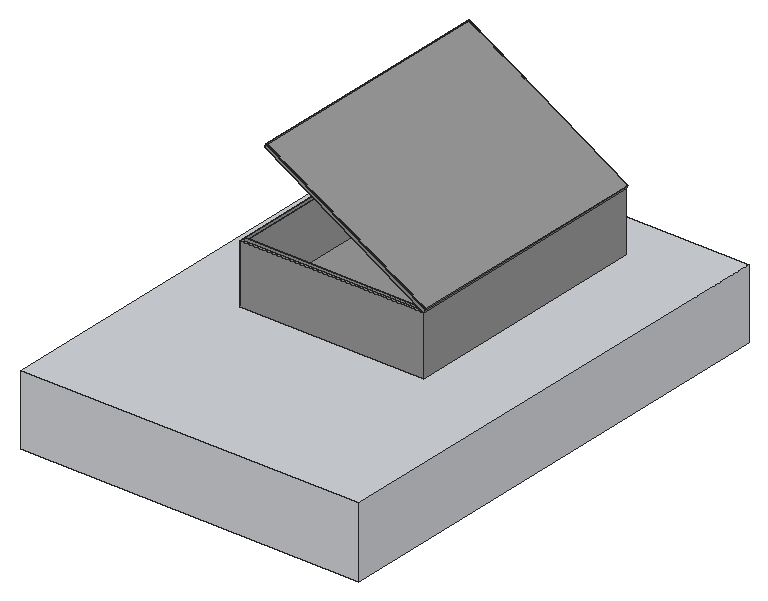
Revit family "Hager-Univers-IP55-D275-H1100-Cl.I-Steel_encl-SE-en", category Equipement électrique, Revit 2020
Family settings
  Hôte = Face
  Configuration du panneau = Deux colonnes, circuits au sein
  Cote de connecteur circulaire = Utiliser le diamètre
  Type d'élément = Tableau de raccordement
  Couper avec des vides une fois chargée = Non
  Partagée = Non
  Point de calcul de pièce = Non
Parameters (values of type "Surface mounted (plaster) IP55 W800 H1100 D275  - FR73E")
  Width Control [instance] = if([EF000008 - Width] > Min Width, [EF000008 - Width], Min Width)  # 800 mm
  Commentaires du type = [HG000003 - Range]  # "Univers"
  Thickness Door [instance] = if([EF009171 - Material plate thickness door/cover] > 3 mm, 3 mm, [EF009171 - Material plate thickness door/cover])  # 1.5 mm
  Seal Frame Offset [instance] = 17 mm  # constant formula
  Plinth Visibility [instance] = [HG000027 - Plinth height] > 0 mm  # no
  Model = ""
  Min Width [instance] = 100 mm  # constant formula
  Min Height [instance] = 100 mm  # constant formula
  Min Depth [instance] = (2 * [EF009170 - Material plate thickness cabinet]) + 1 mm  # 4 mm
  Internal Frame Depth [instance] = (Door System Depth * 0.5)  # 9 mm
  Height Control [instance] = if([EF000040 - Height] > Min Height, [EF000040 - Height], Min Height)  # 1100 mm
  HG000027 - Plinth height = 0 mm
  HG000026 - Floor standing = no
  HG000024 - Bottom section height = 800 mm
  HG000023 - Double section enclosure = no
  HG000016 - Door 3d visibility [instance] = yes
  HG000015 - Clearance visibility [instance] = no
  HG000014 - Door on the right [instance] = yes
  HG000013 - Door on the left [instance] = not([HG000014 - Door on the right])  # no
  HG000012 - Door swing angle [instance] = 30.00°
  HG000010 - Asymmetric doors = no
  HG000009 - Double swing door = no
  HG000006 - Flush mounted = no
  HG000004 - Manufacturer reference = "FR73E"
  HG000003 - Range = "Univers"
  HG000002 - With door or cover = yes
  Frame Offset Bottom [instance] = 10 mm  # constant formula
  Frame Offset [instance] = 15 mm  # constant formula
  EF015940 - Cover with overpressure release = no
  EF011959 - Degree of protection (NEMA) = ""
  EF009554 - Number of openings for flange plates = 6
  EF009212 - Cover model = "EV000116 - Closed"
  EF009171 - Material plate thickness door/cover = 1.5 mm
  EF009170 - Material plate thickness cabinet = 1.5 mm
  Fabricant = "Hager"  # constant formula
  EF008873 - Nominal current (In) = 800 A
  EF007800 - Suitable for lightning protection = no
  EF006306 - With lock = no
  EF006244 - Transparent cover/door = no
  EF005474 - Degree of protection (IP) = "EV006420 - IP55"
  EF004464 - Type of door = "EV002646 - Single"
  EF004427 - Number of modules = 252
  EF004293 - Impact strength = "EV008784 - IK10"
  EF003532 - Suitable for outdoor use = no
  EF002950 - Width in number of modular spacings = 24
  EF001613 - Circuit integrity = "EV000494 - None"
  EF001596 - Material housing = "EV000179 - Steel"
  EF001131 - Internal depth = 275 mm
  EF001088 - Extension possible = yes
  EF000437 - Number of conduit inlets = 6
  EF000339 - Type of cover = "EV004216 - Door"
  EF000266 - Number of rows = 7
  EF000218 - Built-in depth = 0 mm
  EF000118 - With mounting plate = no
  EF000116 - RAL-number = "7035"
  EF000049 - Depth = 275 mm
  EF000040 - Height = 1100 mm
  EF000008 - Width = 800 mm
  EF000007 - Colour = "EV000270 - Grey"
  EF000003 - Mounting method = "EV000384 - Surface mounted (plaster)"
  Door System Leaf Tolerance [instance] = 1.5 mm  # constant formula
  Door System Depth [instance] = 18 mm  # constant formula
  Door Height [instance] = Height Control - [HG000027 - Plinth height]  # 1100 mm
  Depth Control [instance] = if([EF000049 - Depth] > Min Depth, [EF000049 - Depth], Min Depth)  # 275 mm
  Default Elevation = 0 mm
  Connector Offset [instance] = Height Control / 2  # 550 mm
  Bottom Top Plate Trim [instance] = 1.5 mm  # constant formula
  Plinth height Ctrl [instance] = if([HG000027 - Plinth height] > 0 mm, [HG000027 - Plinth height], 12 mm)  # 12 mm
Types (5, lengths in mm): name | Width Control | HG000010 - Asymmetric doors | HG000009 - Double swing door | HG000004 - Manufacturer reference | EF009554 - Number of openings for flange plates | EF004464 - Type of door | EF004427 - Number of modules | EF000437 - Number of conduit inlets | EF000008 - Width
  Surface mounted (plaster) IP55 W1050 H1100 D275  - FR74E | 1050 | no | yes | "FR74E" | 8 | "EV003602 - Double" | 336 | 8 | 1050
  Surface mounted (plaster) IP55 W1300 H1100 D275  - FR75E | 1300 | yes | yes | "FR75E" | 10 | "EV003602 - Double" | 420 | 10 | 1300
  Surface mounted (plaster) IP55 W300 H1100 D275  - FR71E | 300 | no | no | "FR71E" | 2 | "EV002646 - Single" | 84 | 2 | 300
  Surface mounted (plaster) IP55 W550 H1100 D275  - FR72E | 550 | no | no | "FR72E" | 4 | "EV002646 - Single" | 168 | 4 | 550
  Surface mounted (plaster) IP55 W800 H1100 D275  - FR73E | 800 | no | no | "FR73E" | 6 | "EV002646 - Single" | 252 | 6 | 800
Reference planes
  plane 1 "Center (Front/Back)": y = 0
  plane 2: z = 0
  plane 3 "Center (Left/Right)": x = 0
  plane 4: z = 275
  plane 5: y = 1.5
  plane 6: y = 550
  plane 7: y = 0
  plane 8: y = 1100
  plane 9: z = 0
  plane 10: x = -385
  plane 11: x = 385
  plane 12: x = 383.5
  plane 13: x = -383.5
  plane 14: y = 1098.5
  plane 15: x = -383
  plane 16: x = -400
  plane 17: x = 383
  plane 18: x = 400
  plane 19: x = 398.5
  plane 20: x = -398.5
  plane 21: y = 11.5
  plane 22: y = 1100
  plane 23: y = 1083.5
  plane 24: z = 257
  plane 25: z = 1.5
  plane 26: z = 255.5
  plane 27: z = 273.5
Forms (mm)
  Extrusion 1, solid
    sketch origin (0, 0, 0) x (1, 0, 0) y (0, 1, 0)
      loop
        line (-702.964, 1305) -> (-702.964, -811.445) -> (766.763, -811.445) -> (766.763, 1305) -> (-702.964, 1305)
    from 0 to -304.8
  Extrusion 2, solid, material "Hager_Steel_RAL7035_Light_Grey", visible <- "Plinth Visibility", detail levels medium+fine
    sketch origin (0, 0, 0) x (1, 0, 0) y (0, 1, 0)
      loop
        line (-400, 0) -> (400, 0) -> (400, 12) -> (-400, 12) -> (-400, 0)
    from 0 to 257
  Extrusion 3, solid, material "Hager_Steel_RAL7035_Light_Grey", detail levels medium+fine
    sketch origin (0, 0, 0) x (1, 0, 0) y (0, 1, 0)
      loop
        line (-400, 0) -> (400, 0) -> (400, 1100) -> (-400, 1100) -> (-400, 0)
    from 0 to 257
  Extrusion 4, void
    sketch origin (0, 0, 0) x (1, 0, 0) y (0, 1, 0)
      loop
        line (-398.5, 1.5) -> (398.5, 1.5) -> (398.5, 1098.5) -> (-398.5, 1098.5) -> (-398.5, 1.5)
    from 1.5 to 255.5
  Extrusion 5, void
    sketch origin (-381.607, -4572, 257) x (0, -1, 0) y (-1, 0, 0)
      loop
        line (-4583.5, 1.893) -> (-5655.5, 1.893) -> (-5655.5, -765.107) -> (-4583.5, -765.107) -> (-4583.5, 1.893)
    from 0 to 1.5 <- "EF009170 - Material plate thickness cabinet"
  Extrusion 6, solid, material "Hager_Steel_RAL7035_Light_Grey", detail levels fine
    sketch origin (0, 0, 257) x (1, 0, 0) y (0, 1, 0)
      loop
        line (-383.5, 1083.5) -> (-383.5, 11.5) -> (383.5, 11.5) -> (383.5, 1083.5) -> (-383.5, 1083.5)
      loop
        line (-385, 10) -> (385, 10) -> (385, 1085) -> (-385, 1085) -> (-385, 10)
    from 0 to 9 <- "Internal Frame Depth"
  Extrusion 7, solid, material "Hager_Steel_RAL7035_Light_Grey", detail levels coarse
    sketch origin (0, 0, 0) x (1, 0, 0) y (0, 1, 0)
      loop
        line (-400, 0) -> (400, 0) -> (400, 1100) -> (-400, 1100) -> (-400, 0)
    from 0 to 275
  Sweep 8, void
    path in 3D
      loop
        line (-400, 12, 0) -> (400, 12, 0) -> (400, 12, 257) -> (-400, 12, 257) -> (-400, 12, 0)
    profile origin (-400, 12, 128.5) x (-1, 0, 0) y (0, -1, 0)
      loop
        line (0, 0) -> (0, 1.5) -> (-1.5, 1.5)
        arc (-1.5, 1.5) -> (-1.061, 0.439) -> (0, 0) r 1.5
Cuts and joins
  Extrusion 4, Extrusion 5 cuts Extrusion 3
  Sweep 8 cuts Extrusion 2
Lines and regions (mm)
  Masking region 1
    outline origin (0, 0, 0) x (1, 0, 0) y (0, 0, 1)
      loop
        line (-400, 275) -> (-400, 0) -> (400, 0) -> (400, 275) -> (-400, 275)
  Masking region 2, detail levels medium+fine
    outline origin (0, 140, 0) x (0, 1, 0) y (0, 0, 1)
      loop
        line (-140, 0) -> (960, 0) -> (960, 257) -> (-140, 257) -> (-140, 0)
  Masking region 3, not visible, detail levels medium+fine
    outline origin (0, 297.922, 0) x (0, 1, 0) y (0, 0, 1)
      loop
        line (263.578, 0) -> (303.578, 0) -> (303.578, 263.5)
        arc (303.578, 263.5) -> (300.649, 270.571) -> (293.578, 273.5) r 10
        line (293.578, 273.5) -> (263.578, 273.5) -> (263.578, 0)
  Masking region 4, detail levels coarse
    outline origin (0, 0, 180) x (0, 1, 0) y (0, 0, 1)
      loop
        line (0, -180) -> (1100, -180) -> (1100, 95) -> (0, 95) -> (0, -180)
  Masking region 5, visible <- "Plinth Visibility", detail levels medium+fine
    outline origin (0, 52.24, 12.345) x (0, 0, -1) y (0, 1, 0)
      loop
        line (10.845, -40.24) -> (-243.155, -40.24)
        arc (-243.155, -40.24) -> (-243.594, -41.301) -> (-244.655, -41.74) r 1.5
        line (-244.655, -41.74) -> (-244.655, -52.24) -> (12.345, -52.24) -> (12.345, -41.74)
        arc (12.345, -41.74) -> (11.285, -41.301) -> (10.845, -40.24) r 1.5
  Masking region 6, detail levels medium+fine
    outline origin (-381.607, -4572, 257) x (-1, 0, 0) y (0, -1, 0)
      loop
        line (18.393, -5672) -> (18.393, -4572) -> (-781.607, -4572) -> (-781.607, -5672) -> (18.393, -5672)
  Masking region 7, visible <- "Plinth Visibility", detail levels medium+fine
    outline origin (-381.607, -4727, 257) x (-1, 0, 0) y (0, -1, 0)
      loop
        arc (16.893, -4739) -> (17.332, -4737.939) -> (18.393, -4737.5) r 1.5
        line (18.393, -4737.5) -> (18.393, -4727) -> (-781.607, -4727) -> (-781.607, -4737.5)
        arc (-781.607, -4737.5) -> (-780.546, -4737.939) -> (-780.107, -4739) r 1.5
        line (-780.107, -4739) -> (16.893, -4739)
  Masking region 8, detail levels coarse
    outline origin (-442.548, -4669.526, 257) x (-1, 0, 0) y (0, -1, 0)
      loop
        line (-42.548, -5769.526) -> (-42.548, -4669.526) -> (-842.548, -4669.526) -> (-842.548, -5769.526) -> (-42.548, -5769.526)
  sketch lines
    curve 1: line (-400, 12, 257) -> (-400, 12, 0)
    curve 2: line (400, 12, 257) -> (-400, 12, 257)
    curve 3: line (400, 12, 257) -> (400, 12, 0)
    curve 4: line (-400, 12, 0) -> (400, 12, 0)
Dimensions and locks
  "Depth Control": plane 4 to Extrusion 1
  "HG000027 - Plinth height": plane 1 "Center (Front/Back)" to plane 7
  "EF009170 - Material plate thickness cabinet": plane 5 to plane 7
  locked: connector elem to plane 3 "Center (Left/Right)"
  equal spacing: plane 8, plane 6, plane 7
  locked: connector elem to plane 6
  "EF009170 - Material plate thickness cabinet": plane 8 to plane 14
  "EF009170 - Material plate thickness cabinet": plane 10 to plane 13
  "EF009170 - Material plate thickness cabinet": plane 12 to plane 11
  "Frame Offset": plane 20 to plane 13
  "Frame Offset": plane 12 to plane 19
  "EF009170 - Material plate thickness cabinet": plane 16 to plane 20
  "EF009170 - Material plate thickness cabinet": plane 19 to plane 18
  "Seal Frame Offset": plane 16 to plane 15
  "Seal Frame Offset": plane 17 to plane 18
  "Frame Offset Bottom": plane 21 to plane 5
  "Frame Offset": plane 14 to plane 23
  equal spacing: plane 16, plane 3 "Center (Left/Right)", plane 18
  "Width Control": plane 16 to plane 18
  "EF009170 - Material plate thickness cabinet": plane 4 to plane 27
  "EF009170 - Material plate thickness cabinet": plane 24 to plane 26
  "EF009170 - Material plate thickness cabinet": plane 25 to level
  "Door System Depth": plane 4 to plane 24
  "Height Control": plane 1 "Center (Front/Back)" to Extrusion 7 sketch curve
  "Height Control": Masking region 4 sketch curve to plane 1 "Center (Front/Back)"
  "Height Control": plane 1 "Center (Front/Back)" to plane 22
  "Bottom Top Plate Trim": profile plane to Sweep 8 sketch curve
  "Bottom Top Plate Trim": Sweep 8 sketch curve to profile plane
  "Plinth height Ctrl": plane 1 "Center (Front/Back)" to Extrusion 2 sketch curve
  "Plinth height Ctrl": Masking region 5 sketch curve to plane 1 "Center (Front/Back)"
  "Plinth height Ctrl": plane 1 "Center (Front/Back)" to Masking region 7 sketch curve
  "Thickness Door": Extrusion 6 sketch curve to Extrusion 6 sketch curve  (x3)
  "Thickness Door": cut or joined group of Extrusion 3, Extrusion 4, Extrusion 5 to Extrusion 6 sketch curve
  radius of Masking region 3 sketch curve = 10 mm
  "Bottom Top Plate Trim": radius of Masking region 5 sketch curve  (x2)
  "Bottom Top Plate Trim": radius of Sweep 8 sketch curve
  "Bottom Top Plate Trim": radius of Masking region 7 sketch curve  (x2)
  aligned and locked: plane 2 to Extrusion 1
  aligned and locked: level to Extrusion 1
  aligned and locked: level to Masking region 1 sketch curve
  aligned and locked: Masking region 1 sketch curve to plane 18
  aligned and locked: Masking region 1 sketch curve to plane 16
  aligned and locked: plane 7 to Masking region 2 sketch curve
  aligned and locked: level to Masking region 3 sketch curve
  aligned and locked: Masking region 3 sketch curve to plane 27
  aligned and locked: level to Masking region 2 sketch curve
  aligned and locked: plane 1 "Center (Front/Back)" to Extrusion 2 sketch curve
  aligned and locked: Extrusion 3 sketch curve to plane 7
  aligned and locked: plane 16 to Extrusion 3 sketch curve
  aligned and locked: plane 18 to Extrusion 3 sketch curve
  aligned and locked: plane 20 to Extrusion 4 sketch curve
  aligned and locked: plane 19 to Extrusion 4 sketch curve
  aligned and locked: Extrusion 4 sketch curve to plane 5
  aligned and locked: Extrusion 4 to plane 25
  aligned and locked: plane 26 to Extrusion 4
  aligned and locked: plane 24 to Extrusion 3
  aligned and locked: Extrusion 5 sketch curve to plane 21
  aligned and locked: Extrusion 5 sketch curve to plane 13
  aligned and locked: Extrusion 5 sketch curve to plane 12
  aligned and locked: plane 18 to Extrusion 7 sketch curve
  aligned and locked: plane 1 "Center (Front/Back)" to Extrusion 7 sketch curve
  aligned and locked: plane 16 to Extrusion 7 sketch curve
  aligned and locked: plane 4 to Extrusion 7
  aligned and locked: Extrusion 7 to level
  aligned and locked: level to Masking region 4 sketch curve
  aligned and locked: Masking region 4 sketch curve to plane 1 "Center (Front/Back)"
  aligned and locked: Masking region 4 sketch curve to plane 4
  aligned and locked: nested 1 to level
  aligned and locked: nested 1 to plane 16
  aligned and locked: plane 8 to Extrusion 3 sketch curve
  aligned and locked: plane 23 to Extrusion 5 sketch curve
  aligned and locked: plane 14 to Extrusion 4 sketch curve
  aligned and locked: Masking region 2 sketch curve to plane 8
  aligned and locked: level to Masking region 5 sketch curve
  aligned and locked: plane 16 to Extrusion 2 sketch curve
  aligned and locked: plane 18 to Extrusion 2 sketch curve
  aligned and locked: Masking region 5 sketch curve to plane 24
  aligned and locked: Masking region 2 sketch curve to plane 24
  aligned and locked: plane 24 to Extrusion 2
  aligned and locked: profile plane to Sweep 8 sketch curve  (x2)
  aligned and locked: Masking region 6 sketch curve to plane 18
  aligned and locked: Masking region 6 sketch curve to plane 22
  aligned and locked: Masking region 6 sketch curve to plane 16
  aligned and locked: plane 8 to plane 22
  aligned and locked: Masking region 6 sketch curve to plane 7
  aligned and locked: Masking region 7 sketch curve to plane 16
  aligned and locked: Masking region 7 sketch curve to plane 1 "Center (Front/Back)"
  aligned and locked: Masking region 7 sketch curve to plane 18
  aligned and locked: Masking region 8 sketch curve to plane 1 "Center (Front/Back)"
  aligned and locked: Masking region 8 sketch curve to plane 18
  aligned and locked: Masking region 8 sketch curve to plane 22
  aligned and locked: Masking region 8 sketch curve to plane 16
  aligned and locked: nested 2 to plane 7
  aligned and locked: plane 3 "Center (Left/Right)" to nested 2
  aligned and locked: nested 2 to plane 24
  aligned and locked: Extrusion 6 sketch curve to cut or joined group of Extrusion 3, Extrusion 4, Extrusion 5  (x4)
Automatic sketch dimensions
  Extrusion 1 sketch curve to Extrusion 1 sketch curve = 1469.727 mm
  Extrusion 1 sketch curve to Extrusion 1 sketch curve = 2116.445 mm
  Masking region 1 sketch curve to plane 4 = 0 mm
  plane 6 to Masking region 3 sketch curve = 11.5 mm
  Masking region 3 sketch curve to Masking region 3 sketch curve = 30 mm
  Masking region 5 sketch curve to plane 1 "Center (Front/Back)" = 0 mm
Nested families
  nested 1: "Hager_Enclosure_Symbol" at (-400, 0, 0) x (1, 0, 0) z (0, -1, 0), Height <- "Depth Control", Width <- "Width Control", type "Hager_Enclosure_Symbol"
    with Width_Ctrl 800 mm, Width 800 mm, Height_Ctrl 275 mm, Height 275 mm, A_Width_Int 18.047 mm, A_Width 216.562 mm, A_Height_Ctrl 240.625 mm, A_Height 240.625 mm
  nested 2: "EC000058_Univers_Door" at (0, 0, 257) x (1, 0, 0) z (0, 1, 0), Leaf_Tolerance <- "Door System Leaf Tolerance", Angle <- "HG000012 - Door swing angle", Door_Depth <- "Door System Depth", Door_Left <- "HG000013 - Door on the left", Transparent <- "EF006244 - Transparent cover/door", Assymetrical <- "HG000010 - Asymmetric doors", Width <- "Width Control", Clearance <- "HG000015 - Clearance visibility", Double <- "HG000009 - Double swing door", 3d_Door <- "HG000016 - Door 3d visibility", Lock_Visibility <- "EF006306 - With lock", Width_Ctrl <- "Width Control", Door_Right <- "HG000014 - Door on the right", Door <- "HG000002 - With door or cover", Height <- "Door Height", Thickness <- "Thickness Door", type "EC000058_Univers_Door", detail levels medium+fine
    with min_wh 4 mm, Width_Ctrl 800 mm, Width 800 mm, Transparent no, Thickness 1.5 mm, Seal_Material Hager_Rubber, Lock_Visibility no, Lock_Material Hager_Plastic_RAL9005_Jet_Black, Leaf_Width 800 mm, Leaf_Tolerance_External_Sides 0 mm, Leaf_Tolerance 1.5 mm, Leaf_Offset 0 mm, Leaf_Height 1097 mm, Leaf_2_Width 800 mm, Leaf_2_Offset 400 mm, Leaf_1_Width 800 mm, Leaf_1_Offset 400 mm, Height_Ctrl 1100 mm, Height 1100 mm, Glass_Material Hager_Glass, Double_Clearance_Ctrl no, Double no, Door_Right_Ctrl yes, Door_Right yes, Door_Material Hager_Steel_RAL7035_Light_Grey, Door_Left_Ctrl no, Door_Left no, Door_Depth 18 mm, Door yes, Clearance_Material Hager_Clearance, Clearance_Depth 800 mm, Clearance_Ctrl no, Clearance no, Assymetrical no, Angle 30.00°, 3d_Door yes
Connectors
  electrical at (0, 550, 0)
    settings: on plane 9, index 1, voltage 0 V, apparent load 0 VA, apparent load phase1 0 VA, apparent load phase2 0 VA, apparent load phase3 0 VA, power factor 1, load classification "Other", number of poles 1, system type 30, power factor state 1, is connector primary yes, connector utility no, sub classification motor no, connector description ""
Definition of nested family "EC000058_Univers_Door"
  Parameters (values of type "EC000058_Univers_Door")
    min_wh [instance] = (2 * Thickness) + 1 mm  # 11 mm
    Width_Ctrl [instance] = 400 mm
    Width [instance] = 500 mm
    Transparent [instance] = yes
    Thickness [instance] = 5 mm
    Seal_Material [instance] = none
    Lock_Visibility [instance] = yes
    Lock_Material [instance] = none
    Leaf_Width [instance] = if((Width_Ctrl - 2 * Leaf_Tolerance_External_Sides) > 0 mm, (Width_Ctrl - 2 * Leaf_Tolerance_External_Sides), min_wh)  # 400 mm
    Leaf_Tolerance_External_Sides [instance] = 0 mm  # constant formula
    Leaf_Tolerance [instance] = 1.5 mm
    Leaf_Offset [instance] = 0 mm  # constant formula
    Leaf_Height [instance] = if((Height_Ctrl - 2 * Leaf_Tolerance) > 0 mm, (Height_Ctrl - 2 * Leaf_Tolerance), min_wh)  # 497 mm
    Leaf_2_Width [instance] = if(and(and(Double, Assymetrical), Door_Left), (Leaf_Width / 3) - (Leaf_Tolerance / 2), if(and(and(Double, Assymetrical), Door_Right), (Leaf_Width / 3) * 2 - (Leaf_Tolerance / 2), if(and(Double, not(Assymetrical)), (Leaf_Width / 2) - Leaf_Tolerance, Leaf_Width)))  # 400 mm
    Leaf_2_Offset [instance] = if(and(Double, Assymetrical), Leaf_2_Width / 2, if(and(Double, not(Assymetrical)), Leaf_Width / 4, Leaf_Width / 2))  # 200 mm
    Leaf_1_Width [instance] = if(and(and(Double, Assymetrical), Door_Right), (Leaf_Width / 3) - (Leaf_Tolerance / 2), if(and(and(Double, Assymetrical), Door_Left), (Width / 3) * 2 - (Leaf_Tolerance / 2), if(and(Double, not(Assymetrical)), (Leaf_Width / 2) - Leaf_Tolerance, Leaf_Width)))  # 400 mm
    Leaf_1_Offset [instance] = if(and(Double, Assymetrical), Leaf_1_Width / 2, if(and(Double, not(Assymetrical)), Leaf_Width / 4, Leaf_Width / 2))  # 200 mm
    Height_Ctrl [instance] = if(Height > min_wh, Height, min_wh)  # 500 mm
    Height [instance] = 500 mm
    Glass_Material [instance] = none
    Double_Clearance_Ctrl [instance] = and(Double, Clearance)  # no
    Double [instance] = no
    Door_Right_Ctrl [instance] = and(or(Door_Right, Double), Door)  # yes
    Door_Right [instance] = yes
    Door_Material [instance] = none
    Door_Left_Ctrl [instance] = and(or(Door_Left, Double), Door)  # no
    Door_Left [instance] = no
    Door_Depth [instance] = 30 mm
    Door [instance] = yes
    Default Elevation = 1219.2 mm
    Clearance_Material [instance] = none
    Clearance_Depth [instance] = if(Leaf_1_Width > Leaf_2_Width, Leaf_1_Width, Leaf_2_Width)  # 400 mm
    Clearance_Ctrl [instance] = and(not(Double), Clearance)  # yes
    Clearance [instance] = yes
    Assymetrical [instance] = yes
    Angle [instance] = 30.00°
    3d_Door [instance] = yes
  Reference planes
    plane 1 "Center (Front/Back)": y = 0
    plane 2 "Bottom": z = 0
    plane 3 "Center (Left/Right)": x = 0
    plane 4: z = 500
    plane 5: x = -200
    plane 6: x = 200
    plane 7: z = 500
    plane 8: x = -200
    plane 9: z = 0
    plane 10: x = 200
    plane 11: y = 0
    plane 12: z = 1.5
    plane 13: x = -600
    plane 14: y = -400
    plane 15: x = 600
    plane 16: x = 0
    plane 17: x = 0
    plane 18: x = -200
    plane 19: x = 200
    plane 20: z = 498.5
  Forms (mm)
    Extrusion 1, solid, material <- "Clearance_Material", visible <- "Double_Clearance_Ctrl"
      sketch origin (1200, 0, 0) x (1, 0, 0) y (0, 0, -1)
        loop
          line (-1800, -498.5) -> (-600, -498.5) -> (-600, 0) -> (-1800, 0) -> (-1800, -498.5)
      from 0 to -400
  Dimensions and locks
    equal spacing: plane 5, plane 3 "Center (Left/Right)", plane 6
    "Width_Ctrl": plane 5 to plane 6
    "Leaf_Offset": plane 5 to plane 8
    "Leaf_Offset": plane 6 to plane 10
    "Leaf_Offset": plane 9 to level
    "Leaf_Offset": plane 4 to plane 7
    "Height_Ctrl": plane 4 to level
    "Leaf_Tolerance": plane 12 to plane 9
    locked: plane 11 to plane 1 "Center (Front/Back)"
    "Leaf_1_Offset": plane 18 to plane 16
    "Leaf_2_Offset": plane 17 to plane 19
    "Leaf_1_Width": plane 13 to plane 8
    "Leaf_2_Width": plane 10 to plane 15
    "Clearance_Depth": plane 14 to plane 1 "Center (Front/Back)"
    "Leaf_Tolerance_External_Sides": plane 8 to plane 18
    "Leaf_Tolerance_External_Sides": plane 19 to plane 10
    "Leaf_Tolerance": plane 7 to plane 20
    aligned and locked: level to plane 2 "Bottom"
    aligned and locked: nested 1 to plane 16
    aligned and locked: nested 2 to plane 17
    aligned and locked: Extrusion 1 to plane 13
    aligned and locked: plane 15 to Extrusion 1
    aligned and locked: Extrusion 1 to plane 14
    aligned and locked: plane 12 to nested 1
    aligned and locked: nested 2 to plane 12
    aligned and locked: Extrusion 1 to plane 11
    aligned and locked: plane 20 to Extrusion 1
    aligned and locked: nested 2 to plane 11
    aligned and locked: nested 1 to plane 11
  Automatic sketch dimensions
    Extrusion 1 sketch curve to level = 0 mm
    plane 5 to Extrusion 1 sketch curve = 400 mm
    plane 6 to Extrusion 1 sketch curve = 400 mm
    Extrusion 1 sketch curve to plane 4 = 1.5 mm
  Nested families
    nested 1: "EC000058_Univers_Door_Leaf" at (0, 0, 1.5), Width <- "Leaf_1_Width", visible <- "Door_Left_Ctrl", Leaf_Height <- "Leaf_Height", Angle <- "Angle", 3d_Door <- "3d_Door", Transparent <- "Transparent", Clearance Material <- "Clearance_Material", Clearance <- "Clearance_Ctrl", Door_Material <- "Door_Material", Glass_Material <- "Glass_Material", Door_Depth <- "Door_Depth", Lock_Material <- "Lock_Material", Seal_Material <- "Seal_Material", Lock_Visibility <- "Lock_Visibility", Thickness <- "Thickness", type "EC000058_Univers_Door_Leaf"
      with Width 400 mm, Transparent_Glass_Offset 30 mm, Transparent_Ctrl yes, Transparent yes, Thickness 5 mm, Standard no, Seal_Material none, Seal_D2 8 mm, Seal_D1 1 mm, Offset_Internal_Frame 10 mm, Lock_Width 20 mm, Lock_Visibility_3d yes, Lock_Visibility yes, Lock_Thickness_3 3 mm, Lock_Thickness_2 1 mm, Lock_Thickness_1 3 mm, Lock_Radius_Offset_2 16 mm, Lock_Radius_Offset_1 15 mm, Lock_Radius_2 5 mm, Lock_Radius 6 mm, Lock_Offset 5 mm, Lock_Material none, Lock_Height 80 mm, Lock_Cover_Top_Offset_2d 17 mm, Lock_Cover_Height -65 mm, Leaf_Height 497 mm, Internal_Seal_Thickness 8 mm, Internal_Seal_Depth_2 4.5 mm, Internal_Frame_Depth 25 mm, Glass_Thickness -1 mm, Glass_Offset -2 mm, Glass_Material none, Door_Material none, Door_Depth 30 mm, Clearance Material none, Clearance yes, Angle_Ctrl 30.00°, Angle 30.00°, 3d_Door yes
    nested 2: "EC000058_Univers_Door_Leaf" at (0, 0, 1.5) x (-1, 0, 0) z (0, 0, 1), Width <- "Leaf_2_Width", visible <- "Door_Right_Ctrl", Leaf_Height <- "Leaf_Height", Angle <- "Angle", 3d_Door <- "3d_Door", Transparent <- "Transparent", Clearance Material <- "Clearance_Material", Clearance <- "Clearance_Ctrl", Door_Material <- "Door_Material", Glass_Material <- "Glass_Material", Door_Depth <- "Door_Depth", Lock_Material <- "Lock_Material", Seal_Material <- "Seal_Material", Lock_Visibility <- "Lock_Visibility", Thickness <- "Thickness", type "EC000058_Univers_Door_Leaf"
      with Width 400 mm, Transparent_Glass_Offset 30 mm, Transparent_Ctrl yes, Transparent yes, Thickness 5 mm, Standard no, Seal_Material none, Seal_D2 8 mm, Seal_D1 1 mm, Offset_Internal_Frame 10 mm, Lock_Width 20 mm, Lock_Visibility_3d yes, Lock_Visibility yes, Lock_Thickness_3 3 mm, Lock_Thickness_2 1 mm, Lock_Thickness_1 3 mm, Lock_Radius_Offset_2 16 mm, Lock_Radius_Offset_1 15 mm, Lock_Radius_2 5 mm, Lock_Radius 6 mm, Lock_Offset 5 mm, Lock_Material none, Lock_Height 80 mm, Lock_Cover_Top_Offset_2d 17 mm, Lock_Cover_Height -65 mm, Leaf_Height 497 mm, Internal_Seal_Thickness 8 mm, Internal_Seal_Depth_2 4.5 mm, Internal_Frame_Depth 25 mm, Glass_Thickness -1 mm, Glass_Offset -2 mm, Glass_Material none, Door_Material none, Door_Depth 30 mm, Clearance Material none, Clearance yes, Angle_Ctrl 30.00°, Angle 30.00°, 3d_Door yes
  Definition of nested family "EC000058_Univers_Door_Leaf"
    Parameters (values of type "EC000058_Univers_Door_Leaf")
      Width [instance] = 2000 mm
      Transparent_Glass_Offset [instance] = 30 mm
      Transparent_Ctrl [instance] = and(Transparent, [3d_Door])  # yes
      Transparent [instance] = yes
      Thickness [instance] = 5 mm
      Standard [instance] = and(not(Transparent), [3d_Door])  # no
      Seal_Material [instance] = none
      Seal_D2 [instance] = 8 mm  # constant formula
      Seal_D1 [instance] = 1 mm  # constant formula
      Offset_Internal_Frame [instance] = 10 mm  # constant formula
      Lock_Width [instance] = 20 mm  # constant formula
      Lock_Visibility_3d [instance] = and(Lock_Visibility, [3d_Door])  # yes
      Lock_Visibility [instance] = yes
      Lock_Thickness_3 [instance] = 3 mm  # constant formula
      Lock_Thickness_2 [instance] = 1 mm  # constant formula
      Lock_Thickness_1 [instance] = 3 mm  # constant formula
      Lock_Radius_Offset_2 [instance] = Lock_Radius_Offset_1 + 1 mm  # 16 mm
      Lock_Radius_Offset_1 [instance] = 15 mm  # constant formula
      Lock_Radius_2 [instance] = Lock_Radius - 1 mm  # 5 mm
      Lock_Radius [instance] = 6 mm  # constant formula
      Lock_Offset [instance] = 5 mm  # constant formula
      Lock_Material [instance] = none
      Lock_Height [instance] = 80 mm  # constant formula
      Lock_Cover_Top_Offset_2d [instance] = Lock_Radius_Offset_2 + 1 mm  # 17 mm
      Lock_Cover_Height [instance] = -(Lock_Height - Lock_Radius_Offset_1)  # -65 mm
      Leaf_Height [instance] = 2720.336 mm
      Internal_Seal_Thickness [instance] = 8 mm  # constant formula
      Internal_Seal_Depth_2 [instance] = 4.5 mm  # constant formula
      Internal_Frame_Depth [instance] = if(Door_Depth - Thickness > 5 mm, Door_Depth - Thickness, 5 mm)  # 25 mm
      Glass_Thickness [instance] = if(Thickness > 15 mm, Glass_Offset + 10 mm, -1 mm)  # -1 mm
      Glass_Offset [instance] = if(Thickness > 15 mm, -(Thickness + 10 mm) / 2, -2 mm)  # -2 mm
      Glass_Material [instance] = none
      Door_Material [instance] = none
      Door_Depth [instance] = 30 mm
      Default Elevation = 0 mm
      Clearance Material [instance] = none
      Clearance [instance] = yes
      Angle_Ctrl [instance] = if(Angle > 180.00°, 180.00°, Angle)  # 90.00°
      Angle [instance] = 90.00°
      3d_Door [instance] = yes
    Reference planes
      plane 1 "Center (Front/Back)": y = 0
      plane 2: z = 0
      plane 3 "Center (Left/Right)": x = 0
      plane 4: y = 2000
      plane 5: x = -1000
      plane 6: x = 1000
      plane 7: x = -3000
      plane 8: z = 2720.336
      plane 9: z = 30
      plane 10: z = 2690.336
      plane 11: x = 970
      plane 12: x = -970
      plane 13: y = -3
      plane 14: z = 107.833
      plane 15: y = -5
      plane 16: y = -223.314
      plane 17: x = -1000
      plane 18: z = 1360.168
      plane 19: y = 30
    Forms (mm)
      Extrusion 1, solid, material <- "Clearance Material", visible <- "Clearance"
        sketch origin (0, 0, 0) x (1, 0, 0) y (0, 0, 1)
          loop
            line (-3000, 2720.336) -> (-3000, 0) -> (1000, 0) -> (1000, 2720.336) -> (-3000, 2720.336)
        from 0 to -2000
      Extrusion 2, solid, material <- "Door_Material", visible <- "Standard", detail levels medium+fine
        sketch origin (-1000, 0, 0) x (0, 1, 0) y (-1, 0, 0)
          loop
            line (0, 30) -> (0, 25) -> (2000, 25) -> (2000, 30) -> (0, 30)
        from 0 to 2720.336 <- "Leaf_Height"
      Extrusion 3, solid, material <- "Door_Material", visible <- "Transparent_Ctrl", detail levels medium+fine
        sketch origin (-1000, 0, 0) x (0, 1, 0) y (-1, 0, 0)
          loop
            line (0, 25) -> (2000, 25) -> (2000, 30) -> (0, 30) -> (0, 25)
        from 0 to 2720.336 <- "Leaf_Height"
      Extrusion 4, void
        sketch origin (-1025, 2000, 0) x (0, 1, 0) y (0, 0, -1)
          loop
            line (-30, -2690.336) -> (-30, -30) -> (-1970, -30) -> (-1970, -2690.336) -> (-30, -2690.336)
        from 0 to 5 <- "Thickness"
      Sweep 5, solid, material <- "Seal_Material", visible <- "Transparent_Ctrl", detail levels fine
        path in 3D
          loop
            line (-1025, 30, 30) -> (-1025, 30, 2690.336) -> (-1025, 1970, 2690.336) -> (-1025, 1970, 30) -> (-1025, 30, 30)
        profile origin (-1025, 1000, 30) x (1, 0, 0) y (0, 0, 1)
          loop
            line (0, 0) -> (0, -8) -> (1, -8) -> (1, 0) -> (0, 0)
      Extrusion 6, solid, material <- "Glass_Material", visible <- "Transparent_Ctrl", detail levels medium+fine
        sketch origin (-1030, 0, 0) x (0, 1, 0) y (0, 0, -1)
          loop
            line (1970, -2690.336) -> (1970, -30) -> (30, -30) -> (30, -2690.336) -> (1970, -2690.336)
        from -2 <- "Glass_Offset" to -1 <- "Glass_Thickness"
      Extrusion 7, solid, material <- "Door_Material", visible <- "3d_Door", detail levels medium+fine
        sketch origin (-1025, 2000, 0) x (0, -1, 0) y (0, 0, -1)
          loop
            line (0, -2720.336) -> (2000, -2720.336) -> (2000, 0) -> (0, 0) -> (0, -2720.336)
          loop
            line (1995, -5) -> (5, -5) -> (5, -2715.336) -> (1995, -2715.336) -> (1995, -5)
        from 0 to 25 <- "Internal_Frame_Depth"
      Sweep 8, solid, material <- "Seal_Material", visible <- "Transparent_Ctrl", detail levels fine
        path in 3D
          loop
            line (-1025, 0, 0) -> (-1025, 2000, 0) -> (-1025, 2000, 2720.336) -> (-1025, 0, 2720.336) -> (-1025, 0, 0)
        profile origin (-1025, 0, 1360.168) x (1, 0, 0) y (0, 1, 0)
          loop
            line (0, 10) -> (2.975, 10)
            arc (2.975, 10) -> (4.053, 10.447) -> (4.5, 11.525) r 1.525
            line (4.5, 11.525) -> (4.5, 16.527)
            arc (4.5, 16.527) -> (4.069, 17.569) -> (3.027, 18) r 1.473
            line (3.027, 18) -> (0, 18) -> (0, 10)
      Extrusion 9, solid, material <- "Lock_Material", visible <- "Lock_Visibility_3d", detail levels fine
        sketch origin (-1030, 0, 0) x (0, 1, 0) y (0, 0, -1)
          loop
            arc (1993.5, -1400.168) -> (1994.561, -1399.729) -> (1995, -1398.668) r 1.5
            line (1995, -1398.668) -> (1995, -1320.168) -> (1975, -1320.168) -> (1975, -1398.668)
            arc (1975, -1398.668) -> (1975.439, -1399.729) -> (1976.5, -1400.168) r 1.5
            line (1976.5, -1400.168) -> (1993.5, -1400.168)
        from 3 <- "Lock_Thickness_1" to 0
      Blend 10, solid, material <- "Lock_Material", visible <- "Lock_Visibility_3d", detail levels fine
        base sketch origin (-1033, 0, 0) x (0, 1, 0) y (0, 0, -1)
          loop
            line (1975, -1320.168) -> (1975, -1398.668)
            arc (1975, -1398.668) -> (1975.439, -1399.729) -> (1976.5, -1400.168) r 1.5
            line (1976.5, -1400.168) -> (1993.5, -1400.168)
            arc (1993.5, -1400.168) -> (1994.561, -1399.729) -> (1995, -1398.668) r 1.5
            line (1995, -1398.668) -> (1995, -1320.168) -> (1975, -1320.168)
        top sketch origin (-1033, 0, 0) x (0, 1, 0) y (0, 0, -1)
          loop
            line (1976, -1320.168) -> (1976, -1398.668)
            arc (1976, -1398.668) -> (1976.146, -1399.022) -> (1976.5, -1399.168) r 0.5
            line (1976.5, -1399.168) -> (1993.5, -1399.168)
            arc (1993.5, -1399.168) -> (1993.854, -1399.022) -> (1994, -1398.668) r 0.5
            line (1994, -1398.668) -> (1994, -1320.168) -> (1976, -1320.168)
        from 0 to 1 <- "Lock_Thickness_2"
      Blend 11, solid, material <- "Lock_Material", visible <- "Lock_Visibility_3d", detail levels fine
        base sketch origin (-1034, 0, 0) x (0, 1, 0) y (0, 0, -1)
          loop
            line (1978, -1320.168) -> (1978, -1384.168)
            arc (1978, -1384.168) -> (1985, -1391.168) -> (1992, -1384.168) r 7
            line (1992, -1384.168) -> (1992, -1320.168) -> (1978, -1320.168)
        top sketch origin (-1034, 0, 0) x (0, 1, 0) y (0, 0, -1)
          loop
            line (1991, -1320.168) -> (1979, -1320.168) -> (1979, -1383.168)
            arc (1979, -1383.168) -> (1985, -1389.168) -> (1991, -1383.168) r 6
            line (1991, -1383.168) -> (1991, -1320.168)
        from 0 to 3 <- "Lock_Thickness_3"
      Extrusion 12, solid, material <- "Lock_Material", visible <- "Lock_Visibility_3d", detail levels fine
        sketch origin (-1030, 1975, 1320.168) x (1, 0, 0) y (0, -1, 0)
          loop
            line (-7, -19) -> (-7, -1) -> (0, -1) -> (0, 0) -> (-8, 0) -> (-8, -20) -> (0, -20) -> (0, -19) -> (-7, -19)
        from 0 to -65 <- "Lock_Cover_Height"
      Extrusion 13, void
        sketch origin (-1038, 1995, 1320.168) x (-1, 0, 0) y (0, 0, -1)
          loop
            line (-5, -65) -> (0, -65) -> (-5, -60) -> (-5, -65)
        from 0 to 20 <- "Lock_Width"
      Extrusion 14, void
        sketch origin (-1038, 1975, 1320.168) x (0, -1, 0) y (0, 0, -1)
          loop
            circle (-10, -15.995) r 6
          loop
            circle (-10, -15.995) r 5
        from 0 to 2
      Extrusion 15, solid, material <- "Lock_Material", visible <- "Lock_Visibility_3d", detail levels medium
        sketch origin (-1030, 0, 0) x (0, 1, 0) y (0, 0, -1)
          loop
            arc (1993.5, -1400.168) -> (1994.561, -1399.729) -> (1995, -1398.668) r 1.5
            line (1995, -1398.668) -> (1995, -1320.168) -> (1975, -1320.168) -> (1975, -1398.668)
            arc (1975, -1398.668) -> (1975.439, -1399.729) -> (1976.5, -1400.168) r 1.5
            line (1976.5, -1400.168) -> (1993.5, -1400.168)
        from 8 to 0
    Cuts and joins
      Extrusion 4 cuts Extrusion 3
      Extrusion 13, Extrusion 14 cuts Extrusion 9
      Extrusion 14 cuts Blend 11
      Extrusion 13, Extrusion 14 cuts Extrusion 12
      joined: Extrusion 9, Blend 10, Blend 11, Extrusion 12
      Extrusion 14 cuts Extrusion 15
    Lines and regions (mm)
      Masking region 1, visible <- "Lock_Visibility", detail levels fine
        outline origin (0, 0, 0) x (0, 1, 0) y (0, 0, 1)
          loop
            line (30, 1320.168) -> (33, 1320.168) -> (33, 1400.168) -> (30, 1400.168) -> (30, 1320.168)
      Masking region 2, visible <- "Lock_Visibility", detail levels fine
        outline origin (0, 3.143, 0) x (0, 1, 0) y (0, 0, 1)
          loop
            line (29.857, 1354.168) -> (30.857, 1354.168) -> (30.857, 1366.168) -> (29.857, 1366.168) -> (29.857, 1354.168)
      Masking region 3, detail levels medium+fine
        outline origin (0, 0, 0) x (0, 1, 0) y (0, 0, 1)
          loop
            line (0, 0) -> (30, 0) -> (30, 2720.336) -> (0, 2720.336) -> (0, 0)
      Masking region 4, detail levels medium+fine
        outline origin (0, 0, 0) x (1, 0, 0) y (0, 0, 1)
          loop
            line (-1000, 2720.336) -> (-1000, 0) -> (1000, 0) -> (1000, 2720.336) -> (-1000, 2720.336)
      Masking region 5, visible <- "Lock_Visibility", detail levels fine
        outline origin (-47.116, 0, 0) x (1, 0, 0) y (0, 0, 1)
          loop
            arc (1024.616, 1399.168) -> (1023.556, 1398.729) -> (1023.116, 1397.668) r 1.5
            line (1023.116, 1397.668) -> (1023.116, 1320.168) -> (1041.116, 1320.168) -> (1041.116, 1397.668)
            arc (1041.116, 1397.668) -> (1040.677, 1398.729) -> (1039.616, 1399.168) r 1.5
            line (1039.616, 1399.168) -> (1024.616, 1399.168)
      Masking region 6, visible <- "Lock_Visibility", detail levels medium+fine
        outline origin (-25, 0, 0) x (1, 0, 0) y (0, 0, 1)
          loop
            arc (1001.5, 1400.168) -> (1000.439, 1399.729) -> (1000, 1398.668) r 1.5
            line (1000, 1398.668) -> (1000, 1320.168) -> (1020, 1320.168) -> (1020, 1398.668)
            arc (1020, 1398.668) -> (1019.561, 1399.729) -> (1018.5, 1400.168) r 1.5
            line (1018.5, 1400.168) -> (1001.5, 1400.168)
      Masking region 7, visible <- "Lock_Visibility", detail levels fine
        outline origin (-73.735, 0, 0) x (1, 0, 0) y (0, 0, 1)
          loop
            line (1051.735, 1382.168) -> (1065.735, 1382.168) -> (1065.735, 1384.168)
            arc (1065.735, 1384.168) -> (1058.735, 1391.168) -> (1051.735, 1384.168) r 7
            line (1051.735, 1384.168) -> (1051.735, 1382.168)
      Masking region 8, visible <- "Lock_Visibility", detail levels fine
        outline origin (-73.735, 0, 0) x (1, 0, 0) y (0, 0, 1)
          loop
            line (1052.735, 1382.168) -> (1064.735, 1382.168) -> (1064.735, 1383.168)
            arc (1064.735, 1383.168) -> (1058.735, 1389.168) -> (1052.735, 1383.168) r 6
            line (1052.735, 1383.168) -> (1052.735, 1382.168)
      Masking region 9, visible <- "Lock_Visibility", detail levels fine
        outline origin (-25, 0, 0) x (1, 0, 0) y (0, 0, 1)
          loop
            line (1020, 1320.168) -> (1020, 1382.168) -> (1000, 1382.168) -> (1000, 1320.168) -> (1020, 1320.168)
      Masking region 10, detail levels medium+fine
        outline origin (0, 0, 0) x (1, 0, 0) y (0, 0, 1)
          loop
            circle (985, 1335.144) r 6
      Masking region 11, detail levels fine
        outline origin (0, 0, 0) x (1, 0, 0) y (0, 0, 1)
          loop
            circle (985, 1335.144) r 5
      Masking region 12, visible <- "Lock_Visibility", detail levels fine
        outline origin (0, 12.767, 0) x (0, 1, 0) y (0, 0, 1)
          loop
            line (20.233, 1320.168) -> (21.233, 1320.168) -> (21.233, 1399.168) -> (20.233, 1400.168) -> (20.233, 1320.168)
      Masking region 13, visible <- "Lock_Visibility", detail levels fine
        outline origin (0, 13.767, -10) x (0, 1, 0) y (0, 0, 1)
          loop
            line (20.233, 1330.168) -> (23.233, 1330.168) -> (23.233, 1399.168) -> (20.233, 1402.168) -> (20.233, 1330.168)
      Masking region 14, visible <- "Lock_Visibility", detail levels fine
        outline origin (0, 12.767, -10) x (0, 1, 0) y (0, 0, 1)
          loop
            line (20.233, 1330.168) -> (25.233, 1330.168) -> (25.233, 1399.305) -> (20.233, 1394.305) -> (20.233, 1330.168)
      Masking region 15, visible <- "Lock_Visibility", detail levels medium
        outline origin (0, 0, 0) x (0, 1, 0) y (0, 0, 1)
          loop
            line (30, 1320.168) -> (38, 1320.168) -> (38, 1400.168) -> (30, 1400.168) -> (30, 1320.168)
      Masking region 16, visible <- "Lock_Visibility", detail levels fine
        outline origin (-1000, 0, 0) x (0, 1, 0) y (-1, 0, 0)
          loop
            line (1975, 30) -> (1995, 30) -> (1995, 38) -> (1975, 38) -> (1975, 30)
          loop
            line (1979, 37) -> (1976, 37) -> (1976, 34) -> (1978, 34) -> (1979, 37)
          loop
            line (1994, 37) -> (1991, 37) -> (1992, 34) -> (1994, 34) -> (1994, 37)
      Masking region 17, visible <- "Lock_Visibility", detail levels medium
        outline origin (-1000, 0, 0) x (0, 1, 0) y (-1, 0, 0)
          loop
            line (1975, 30) -> (1995, 30) -> (1995, 38) -> (1975, 38) -> (1975, 30)
      symbolic lines
        curve 1: line (1000, 0, 0) -> (-3000, 0, 0)
        curve 2: arc (1000, 0, 0) -> (-1000, 2000, 0) -> (-3000, 0, 0) r 2000
        curve 4: line (-1030, 0, 0) -> (-1030, 2000, 0)
      reference lines
        curve 3: line (-1000, 0, 0) -> (-1000, 2000, 0)
      symbolic lines, detail levels medium+fine
        curve 5: line (-1030, 2000, 0) -> (-1025, 2000, 0)
        curve 7: line (-1025, 0, 0) -> (-1030, 0, 0)
        curve 8: line (-1025, 0, 0) -> (-1000, 0, 0)
        curve 9: line (-1000, 0, 0) -> (-1000, 2000, 0)
        curve 10: line (-1000, 2000, 0) -> (-1025, 2000, 0)
      symbolic lines, detail levels fine
        curve 6: line (-1025, 2000, 0) -> (-1025, 0, 0)
      sketch lines
        curve 11: line (-1025, 0, 2720.336) -> (-1025, 0, 0)
        curve 12: line (-1025, 2000, 0) -> (-1025, 0, 0)
        curve 13: line (-1025, 2000, 2720.336) -> (-1025, 2000, 0)
        curve 14: line (-1025, 0, 2720.336) -> (-1025, 2000, 2720.336)
        curve 15: line (-1025, 1970, 30) -> (-1025, 30, 30)
        curve 16: line (-1025, 30, 30) -> (-1025, 30, 2690.336)
        curve 17: line (-1025, 1970, 2690.336) -> (-1025, 1970, 30)
        curve 18: line (-1025, 30, 2690.336) -> (-1025, 1970, 2690.336)
      symbolic lines, visible <- "Transparent", detail levels medium+fine
        curve 19: line (-970, 0, 2690.336) -> (970, 0, 2690.336)
        curve 20: line (-970, 0, 30) -> (-970, 0, 2690.336)
        curve 21: line (970, 0, 30) -> (-970, 0, 30)
        curve 22: line (970, 0, 2690.336) -> (970, 0, 30)
    Dimensions and locks
      "Width": plane 1 "Center (Front/Back)" to plane 4
      equal spacing: plane 5, plane 3 "Center (Left/Right)", plane 6
      "Width": plane 5 to plane 6
      "Width": plane 7 to plane 5
      "Leaf_Height": plane 8 to level
      "Width": curve 5 to curve 3
      "Width": curve 3 to curve 3
      plane 8 to plane 10 = 30 mm
      plane 9 to level = 30 mm
      plane 12 to plane 5 = 30 mm
      plane 6 to plane 11 = 30 mm
      Extrusion 1 to Extrusion 4 sketch curve = 30 mm
      "Transparent_Glass_Offset": curve 3 to Extrusion 4 sketch curve
      "Transparent_Glass_Offset": Extrusion 4 sketch curve to cut or joined group of Extrusion 3, Extrusion 4  (x2)
      cut or joined group of Extrusion 3, Extrusion 4 to Extrusion 6 sketch curve = 30 mm
      "Transparent_Glass_Offset": cut or joined group of Extrusion 3, Extrusion 4 to Extrusion 4 sketch curve
      "Thickness": curve 6 to curve 4
      "Thickness": Extrusion 7 sketch curve to Extrusion 7 sketch curve  (x4)
      "Door_Depth": curve 4 to curve 3
      "Offset_Internal_Frame": profile plane to Sweep 8 sketch curve
      "Internal_Seal_Thickness": Sweep 8 sketch curve to Sweep 8 sketch curve
      "Internal_Seal_Depth_2": profile plane to Sweep 8 sketch curve
      "Seal_D1": profile plane to Sweep 5 sketch curve
      "Seal_D2": profile plane to Sweep 5 sketch curve
      "Thickness": Extrusion 2 sketch curve to Extrusion 2 sketch curve
      equal spacing: Extrusion 9 sketch curve, plane 18, Extrusion 9 sketch curve  (x2)
      equal spacing: Masking region 1 sketch curve, plane 18, Masking region 1 sketch curve
      "Lock_Height": Masking region 1 sketch curve to Masking region 1 sketch curve
      "Lock_Radius": Masking region 2 sketch curve to plane 18 to Masking region 2 sketch curve
      Masking region 2 sketch curve to Masking region 1 = 1 mm
      "Door_Depth": plane 19 to plane 1 "Center (Front/Back)"
      "Lock_Thickness_1": Masking region 1 sketch curve to plane 19
      "Lock_Width": Extrusion 9 sketch curve to Extrusion 9 sketch curve
      "Lock_Height": Extrusion 9 sketch curve to Extrusion 9 sketch curve
      "Lock_Offset": cut or joined group of Extrusion 3, Extrusion 4 to Extrusion 9 sketch curve
      equal spacing: plane 8, plane 18, level
      "Lock_Radius_Offset_1": Blend 11 sketch curve to Blend 10
      locked: Blend 10 to Blend 11 sketch curve at 2  (x2)
      locked: var sketch to Blend 11 sketch curve at 1  (x2)
      "Lock_Radius_Offset_2": Blend 11 sketch curve to Blend 10
      locked: Extrusion 12 sketch curve to Extrusion 12 sketch curve at 1  (x3)
      Masking region 6 sketch curve to Masking region 6 sketch curve = 80 mm
      "Lock_Height": Masking region 6 sketch curve to Masking region 6 sketch curve
      "Lock_Width": Masking region 6 sketch curve to Masking region 6 sketch curve
      locked: Masking region 6 to Masking region 5 sketch curve at 1  (x3)
      locked: Masking region 5 to Masking region 7 sketch curve at 2  (x2)
      "Lock_Radius_Offset_1": Masking region 5 to Masking region 7 sketch curve
      "Lock_Radius_Offset_2": Masking region 5 to Masking region 8 sketch curve
      locked: Masking region 7 to Masking region 8 sketch curve at 1  (x2)
      "Lock_Cover_Top_Offset_2d": Masking region 5 to Masking region 9 sketch curve
      equal spacing: Masking region 9, Masking region 10 sketch curve, Masking region 9
      equal spacing: Masking region 9, Masking region 11 sketch curve, Masking region 9
      Extrusion 15 sketch curve to Extrusion 15 sketch curve = 80 mm
      "Lock_Width": Extrusion 15 sketch curve to Extrusion 15 sketch curve
      "Lock_Height": Extrusion 15 sketch curve to Extrusion 15 sketch curve
      equal spacing: Extrusion 15 sketch curve, plane 18, Extrusion 15 sketch curve
      "Lock_Thickness_3": Masking region 13 sketch curve to Masking region 13 sketch curve
      "Lock_Height": Masking region 12 sketch curve to Masking region 12 sketch curve
      locked: Masking region 13 sketch curve to Masking region 1 at 8
      locked: Masking region 14 sketch curve to Masking region 13 at 1
      locked: Masking region 14 sketch curve to Masking region 1 at 10.863
      "Lock_Height": Masking region 15 sketch curve to Masking region 15 sketch curve
      "Lock_Offset": Extrusion 15 sketch curve to cut or joined group of Extrusion 3, Extrusion 4
      "Lock_Offset": plane 6 to Masking region 6 sketch curve
      radius of Sweep 8 sketch curve = 1.525 mm
      radius of Sweep 8 sketch curve = 1.473 mm
      radius of Extrusion 9 sketch curve = 1.5 mm  (x2)
      "Lock_Radius": radius of Extrusion 14 sketch curve
      "Lock_Radius_2": radius of Extrusion 14 sketch curve
      "Lock_Radius": radius of Masking region 10 sketch curve
      "Lock_Radius_2": radius of Masking region 11 sketch curve
      radius of Extrusion 15 sketch curve = 1.5 mm  (x2)
      "Angle_Ctrl": angle plane 1 "Center (Front/Back)" to curve 3
      locked: Masking region 12 sketch curve to Masking region 12 sketch curve (angle 45.00°)
      locked: Masking region 13 sketch curve to Masking region 13 sketch curve (angle 45.00°)
      locked: Masking region 14 sketch curve to Masking region 14 sketch curve (angle 45.00°)
      aligned and locked: level to plane 2
      aligned and locked: Extrusion 1 to curve 1
      aligned and locked: plane 6 to Extrusion 1
      aligned and locked: Extrusion 1 to plane 1 "Center (Front/Back)"
      aligned and locked: plane 4 to Extrusion 1
      aligned and locked: plane 8 to Extrusion 1
      aligned and locked: curve 7 to Extrusion 2 sketch curve
      aligned and locked: curve 5 to Extrusion 2 sketch curve
      aligned and locked: curve 7 to Extrusion 3 sketch curve
      aligned and locked: Extrusion 3 sketch curve to curve 4
      aligned and locked: Extrusion 3 sketch curve to curve 6
      aligned and locked: Extrusion 3 sketch curve to curve 5
      aligned and locked: curve 9 to curve 3
      aligned and locked: Extrusion 7 sketch curve to cut or joined group of Extrusion 3, Extrusion 4  (x4)
      aligned and locked: plane 17 to curve 3
      aligned and locked: plane 1 "Center (Front/Back)" to curve 3
      aligned and locked: plane 17 to plane 5
      aligned and locked: Sweep 8 sketch curve to profile plane
      aligned and locked: Sweep 5 sketch curve to profile plane  (x2)
      aligned and locked: Masking region 1 to Masking region 2 sketch curve
      aligned and locked: plane 19 to Masking region 1 sketch curve
      aligned and locked: plane 1 "Center (Front/Back)" to Masking region 3 sketch curve
      aligned and locked: plane 19 to Masking region 3 sketch curve
      aligned and locked: level to Masking region 3 sketch curve
      aligned and locked: Masking region 3 sketch curve to plane 8
      aligned and locked: plane 17 to Masking region 4 sketch curve
      aligned and locked: level to Masking region 4 sketch curve
      aligned and locked: Masking region 4 sketch curve to plane 8
      aligned and locked: plane 12 to curve 20
      aligned and locked: plane 10 to curve 19
      aligned and locked: plane 11 to curve 22
      aligned and locked: curve 21 to plane 9
      aligned and locked: Extrusion 2 sketch curve to cut or joined group of Extrusion 3, Extrusion 4
      aligned and locked: Blend 10 sketch curve to Extrusion 9  (x4)
      aligned and locked: Extrusion 9 to Blend 10 sketch curve
      aligned and locked: Blend 10 to Blend 11 sketch curve
      aligned and locked: Extrusion 12 sketch curve to Blend 11
      aligned and locked: Extrusion 12 sketch curve to Extrusion 9  (x4)
      aligned and locked: Masking region 5 sketch curve to Masking region 6
      aligned and locked: Masking region 9 sketch curve to Masking region 6  (x3)
      aligned and locked: Masking region 12 sketch curve to Masking region 1
      aligned and locked: Masking region 13 sketch curve to Masking region 1
      aligned and locked: Masking region 12 to Masking region 14
      aligned and locked: Masking region 14 sketch curve to Masking region 1
      aligned and locked: Masking region 15 sketch curve to Masking region 14
      aligned and locked: Masking region 13 sketch curve to Masking region 12
      aligned and locked: Masking region 16 sketch curve to cut or joined group of Extrusion 14, Extrusion 15  (x4)
      aligned and locked: Masking region 16 sketch curve to cut or joined group of Extrusion 9, Blend 10, Blend 11, Extrusion 12, Extrusion 13, Extrusion 14  (x6)
      aligned and locked: cut or joined group of Extrusion 9, Blend 10, Blend 11, Extrusion 12, Extrusion 13, Extrusion 14 to Masking region 16 sketch curve
      aligned and locked: Masking region 17 sketch curve to cut or joined group of Extrusion 14, Extrusion 15  (x3)
      aligned and locked: Masking region 17 sketch curve to cut or joined group of Extrusion 9, Blend 10, Blend 11, Extrusion 12, Extrusion 13, Extrusion 14
      aligned and locked: Masking region 9 to Masking region 8 sketch curve
      aligned and locked: Masking region 9 to Masking region 7 sketch curve
    Automatic sketch dimensions
      plane 1 "Center (Front/Back)" to curve 2 = 0 mm
      curve 2 to plane 5 = 0 mm
      Extrusion 1 sketch curve to level = 0 mm
      Extrusion 1 sketch curve to plane 7 = 0 mm
      Extrusion 1 sketch curve to plane 6 = 0 mm
      Extrusion 1 sketch curve to plane 8 = 0 mm
      Extrusion 3 to Extrusion 6 sketch curve = 30 mm  (x4)
      Masking region 4 sketch curve to plane 6 = 0 mm
      Blend 10 sketch curve to Extrusion 9 = 1.5 mm
      Blend 10 sketch curve to Extrusion 9 = 1 mm
      Extrusion 13 sketch curve to Extrusion 12 = 0 mm  (x2)
      Extrusion 12 to Extrusion 13 sketch curve = 3 mm
      Extrusion 13 sketch curve to Extrusion 12 = 5 mm
      Extrusion 14 sketch curve to Extrusion 14 sketch curve = 0 mm  (x2)
      Extrusion 14 sketch curve to Extrusion 12 = 10 mm
      Extrusion 14 sketch curve to Extrusion 12 = 15.995 mm
      Masking region 5 sketch curve to Masking region 5 sketch curve = 1.5 mm  (x2)
      Masking region 10 sketch curve to plane 18 = 25.024 mm
      Masking region 11 sketch curve to plane 18 = 25.024 mm
      plane 19 to Masking region 14 sketch curve = 3 mm
      Masking region 16 sketch curve to Masking region 16 sketch curve = 3 mm
      curve 4 to curve 3 = 0 mm
      Blend 10 to Blend 11 sketch curve = 0 mm
      Masking region 6 sketch curve to Masking region 6 sketch curve = 1.5 mm  (x2)
      Masking region 6 sketch curve to plane 18 = 40 mm
      plane 19 to Masking region 12 sketch curve = 3 mm
      Masking region 12 sketch curve to Masking region 12 sketch curve = 1 mm
      Masking region 15 sketch curve to plane 19 = 0 mm
      Masking region 15 sketch curve to plane 18 = 40 mm
      radius of Blend 10 sketch curve to Extrusion 9 = 1 mm
Definition of nested family "Hager_Enclosure_Symbol"
  Parameters (values of type "Hager_Enclosure_Symbol")
    Width_Ctrl [instance] = if(Width > 1 mm, Width, 1 mm)  # 102.27 mm
    Width [instance] = 102.27 mm
    Height_Ctrl [instance] = if(Height > 1 mm, Height, 1 mm)  # 66.5 mm
    A_Width_Int [instance] = if(A_Width / 12 > 2 mm, A_Width / 12, 2 mm)  # 4.364 mm
    A_Width [instance] = if(A_Height_Ctrl * 0.9 > 2 mm, A_Height_Ctrl * 0.9, 2 mm)  # 52.369 mm
    A_Height_Ctrl [instance] = if(A_Height > 2 mm, A_Height, 2 mm)  # 58.188 mm
    Height [instance] = 66.5 mm
    A_Height [instance] = Height - (Height / 8)  # 58.188 mm
  Reference planes
    plane 1 "Centre (avant/arrière)": y = 0
    plane 2: z = 0
    plane 3 "Centre (gauche/droite)": x = 0
    plane 4: x = 52.369
    plane 5: y = 33.042
    plane 6: y = 41.77
    plane 7: y = 66.5
    plane 8: x = 26.184
    plane 9: y = 37.406
    plane 10: x = 102.27
    plane 11: y = 66.5
    plane 12: y = 8.313
  Lines and regions (mm)
    Filled region 1, type "Solid_Black", in view "Niveau de réf."
      outline origin (0, 0, 0) x (1, 0, 0) y (0, 1, 0)
        loop
          line (52.369, 66.5) -> (33.188, 54.536) -> (45.365, 45.006) -> (52.369, 66.5)
    Filled region 2, type "Solid_Black", in view "Niveau de réf."
      outline origin (0, 0, 0) x (1, 0, 0) y (0, 1, 0)
        loop
          line (0, 0) -> (102.27, 0) -> (102.27, 66.5) -> (0, 0)
    detail lines, in view "Niveau de réf."
      curve 1: line (0, 8.313, 0) -> (26.184, 41.77, 0)
      curve 2: line (26.184, 41.77, 0) -> (26.184, 33.042, 0)
      curve 3: line (26.184, 33.042, 0) -> (52.369, 66.5, 0)
  Dimensions and locks
    "A_Width": plane 3 "Centre (gauche/droite)" to plane 4
    equal spacing: plane 3 "Centre (gauche/droite)", plane 8, plane 4
    equal spacing: plane 6, plane 9, plane 5
    equal spacing: curve 3, Filled region 1 sketch curve, Filled region 1 sketch curve
    "Height_Ctrl": plane 1 "Centre (avant/arrière)" to plane 11
    "A_Height_Ctrl": plane 11 to plane 12
    equal spacing: plane 11, plane 9, plane 12
    "A_Width_Int": plane 6 to plane 9
    "Width_Ctrl": plane 3 "Centre (gauche/droite)" to plane 10
    angle Filled region 1 sketch curve to curve 3 = 20.00°
    angle curve 3 to Filled region 1 sketch curve = 20.00°
    locked: curve 3 to Filled region 1 sketch curve (angle 90.00°)
    aligned and locked: plane 10 to Filled region 2
    aligned and locked: plane 11 to Filled region 2 sketch curve
    aligned and locked: plane 10 to Filled region 2 sketch curve
    aligned and locked: plane 3 "Centre (gauche/droite)" to curve 1
    aligned and locked: plane 12 to curve 1
    aligned and locked: plane 7 to plane 11
  Automatic sketch dimensions
    Filled region 1 sketch curve to plane 4 = 0 mm
    Filled region 1 sketch curve to plane 7 = 0 mm
    plane 1 "Centre (avant/arrière)" to Filled region 2 sketch curve = 0 mm
    Filled region 2 sketch curve to plane 3 "Centre (gauche/droite)" = 0 mm
    curve 2 to plane 6 = 0 mm
    curve 2 to plane 8 = 0 mm
    curve 3 to plane 4 = 0 mm
    curve 2 to plane 5 = 0 mm
    curve 3 to plane 7 = 0 mm
